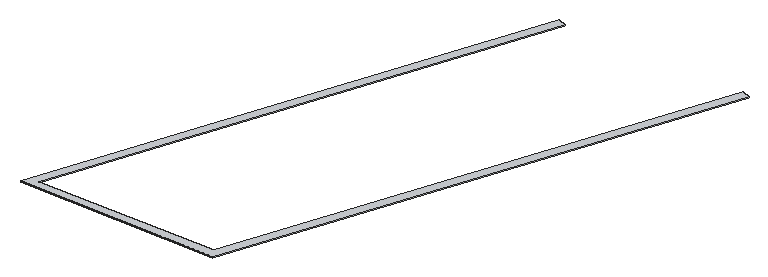
Revit family "Single Angular Parking Stripe", category Generic Models, Revit 2019
Family settings
  Can host rebar = No
  Round Connector Dimension = Use Diameter
  Part Type = Normal
  Work Plane-Based = No
  Always vertical = Yes
  Cut with Voids When Loaded = No
  Shared = No
  Room Calculation Point = No
Parameters (values of type "1st Type")
  lenght of stall = 20' - 0"
  Width of Parking Stripe = 0' - 4"
  Width of Parking = 7' - 0"
  Angle of Parking = 70.00°
Reference planes (in)
  plane 1 "Center (Front/Back)": y = 0
  plane 2: z = 0
  plane 3 "Center (Left/Right)": x = 0
  plane 4: y = 4
Forms (in)
  Extrusion 1, solid
    sketch origin (0, 0, 0) x (1, 0, 0) y (0, 1, 0)
      loop
        line (82.08483, 225.52623) -> (0, 0) -> (93.64764, 0) -> (175.23454, 224.15815) -> (171.47577, 225.52623) -> (90.84681, 4) -> (5.71259, 4) -> (85.8436, 224.15815) -> (82.08483, 225.52623)
    from 0 to 0.47848
Lines and regions (in)
  reference lines
    curve 1: line (0, 0, 0) -> (82.08483, 225.52623, 0)
    curve 2: line (5.71259, 4, 0) -> (85.8436, 224.15815, 0)
    curve 3: line (93.64764, 0, 0) -> (175.23454, 224.15815, 0)
    curve 4: line (89.39093, 0, 0) -> (171.47577, 225.52623, 0)
    curve 5: line (82.08483, 225.52623, 0) -> (85.8436, 224.15815, 0)
    curve 6: line (171.47577, 225.52623, 0) -> (175.23454, 224.15815, 0)
    curve 7: line (0, 0, 0) -> (93.64764, 0, 0)
    curve 8: line (89.39093, 0, 0) -> (89.39093, -19, 0)
Dimensions and locks (in)
  "Width of Parking Stripe": curve 2 to curve 1
  "Width of Parking Stripe": plane 4 to plane 1 "Center (Front/Back)"
  "Width of Parking Stripe": curve 3 to curve 4
  "lenght of stall": curve 1 to curve 5
  "Width of Parking": curve 4 to curve 1
  "lenght of stall": curve 4 to curve 6
  "Angle of Parking": angle plane 1 "Center (Front/Back)" to curve 1
  aligned and locked: plane 2 to level
  aligned and locked: Extrusion 1 sketch curve to curve 1
  aligned and locked: curve 2 to Extrusion 1 sketch curve
  aligned and locked: plane 1 "Center (Front/Back)" to Extrusion 1 sketch curve
  aligned and locked: plane 4 to Extrusion 1 sketch curve
  aligned and locked: Extrusion 1 sketch curve to curve 3
  aligned and locked: Extrusion 1 sketch curve to curve 4
  aligned and locked: Extrusion 1 sketch curve to curve 5
  aligned and locked: Extrusion 1 sketch curve to curve 6
  aligned and locked: plane 1 "Center (Front/Back)" to curve 7
  aligned and locked: plane 4 to curve 2
  aligned and locked: plane 3 "Center (Left/Right)" to curve 1
  aligned and locked: plane 1 "Center (Front/Back)" to curve 4
Automatic sketch dimensions
  curve 8 to curve 4 = 0' - 0"
  curve 8 to curve 4 = 1' - 7"
